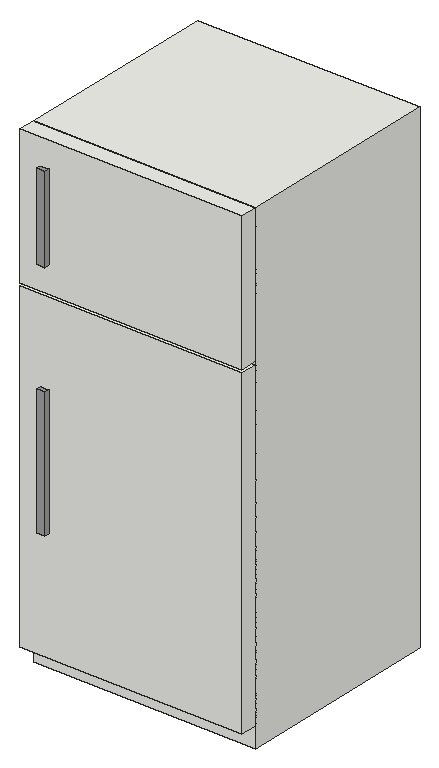
Revit family
Parameters (values of type "655 x 1430 x 655mm")
  Label = "F"
  Depth = 655 mm
  Height = 1430 mm
  Material = Metal - Paint Finish - Ivory, Glossy
  Width = 655 mm
  Assembly Code = ""
Types (5, lengths in mm): name | Depth | Height | Width
  595 x 1400 x 600mm | 600 | 1400 | 595
  595 x 1560 x 600mm | 600 | 1560 | 595
  595 x 1850 x 600mm | 600 | 1850 | 595
  695 x 1650 x 660mm | 660 | 1650 | 695
  655 x 1430 x 655mm | 655 | 1430 | 655
Reference planes
  plane 1: y = 107
  plane 2: z = 0
  plane 3: x = 0
  plane 4: x = 655
  plane 5: y = 762
  plane 6: z = 1430
  plane 7: z = 1024
  plane 8: x = 60
  plane 9: z = 1354
  plane 10: z = 1100
  plane 11: z = 770
  plane 12: z = 389
  plane 13: x = 327.5
  plane 14: z = 60
  plane 15: y = 157
Forms (mm)
  Extrusion 1, solid, material "Metal - Paint Finish - Ivory, Glossy" <- "Material"
    sketch origin (0, 0, 0) x (1, 0, 0) y (0, 1, 0)
      loop
        line (0, 762) -> (0, 157) -> (655, 157) -> (655, 762) -> (0, 762)
    from 0 to 1430
  Extrusion 2, solid, material "Metal - Paint Finish - Ivory, Glossy" <- "Material"
    sketch origin (0, 157, 1430) x (0, 0, -1) y (1, 0, 0)
      loop
        line (0, 655) -> (0, 0) -> (406, 0) -> (406, 655) -> (0, 655)
      loop
        line (416, 655) -> (416, 0) -> (1370, 0) -> (1370, 655) -> (416, 655)
    from 0 to 50
  Extrusion 3, solid, material "Metal - Chrome"
    sketch origin (0, 107, 1430) x (0, 0, -1) y (1, 0, 0)
      loop
        line (76, 60) -> (330, 60) -> (330, 84.664) -> (76, 84.664) -> (76, 60)
      loop
        line (660, 60) -> (1041, 60) -> (1041, 84.664) -> (660, 84.664) -> (660, 60)
    from 0 to 15
Lines and regions (mm)
  Masking region 1
    outline origin (0, 0, 0) x (1, 0, 0) y (0, 1, 0)
      loop
        line (0, 107) -> (655, 107) -> (655, 762) -> (0, 762) -> (0, 107)
  model lines
    curve 1: line (0, 157, 1430) -> (0, 157, 0)
    curve 2: line (655, 762, 0) -> (0, 762, 0)
    curve 3: line (655, 157, 0) -> (0, 157, 0)
  symbolic lines
    curve 4: line (0, 157, 0) -> (655, 157, 0)
Dimensions and locks
  "Width": plane 3 to plane 4
  "Depth": plane 1 to plane 5
  "Height": plane 6 to plane 2
  locked: plane 8 to plane 3 at 60
  locked: plane 6 to plane 7 at 406
  locked: plane 6 to plane 9 at 76
  locked: plane 9 to plane 10 at 254
  equal spacing: plane 3, plane 13, plane 4
  locked: plane 11 to plane 12 at 381
  locked: plane 7 to plane 11 at 254
  plane 14 to plane 2 = 60 mm
  locked: plane 1 to plane 15 at 50
  plane 7 to Extrusion 2 sketch curve = 10 mm
  equal spacing: plane 1, nested 1, plane 5
  aligned and locked: plane 3 to Extrusion 1 sketch curve
  aligned and locked: plane 5 to Extrusion 1 sketch curve
  aligned and locked: plane 4 to Extrusion 1 sketch curve
  aligned and locked: Extrusion 1 to plane 6
  aligned and locked: Extrusion 2 sketch curve to Extrusion 1
  aligned and locked: Extrusion 2 sketch curve to curve 1
  aligned and locked: curve 1 to Extrusion 2 sketch curve
  aligned and locked: plane 1 to Extrusion 2
  aligned and locked: Extrusion 2 sketch curve to plane 4  (x2)
  aligned and locked: nested 1 to plane 13
Automatic sketch dimensions
  curve 1 to plane 6 = 0 mm
  curve 1 to level = 0 mm
  curve 1 to plane 1 = 50 mm
  Extrusion 1 sketch curve to plane 15 = 0 mm
  Extrusion 2 sketch curve to plane 7 = 0 mm
  Extrusion 2 sketch curve to plane 14 = 0 mm
  Extrusion 3 sketch curve to plane 9 = 0 mm
  Extrusion 3 sketch curve to plane 10 = 0 mm
  Extrusion 3 sketch curve to plane 11 = 0 mm
  Extrusion 3 sketch curve to plane 12 = 0 mm
  Extrusion 3 sketch curve to plane 8 = 24.664 mm
  Extrusion 3 sketch curve to Extrusion 3 sketch curve = 24.664 mm
  Extrusion 3 sketch curve to plane 8 = 0 mm  (x2)
  Masking region 1 sketch curve to plane 3 = 0 mm
  Masking region 1 sketch curve to plane 4 = 0 mm
  Masking region 1 sketch curve to plane 1 = 0 mm
  Masking region 1 sketch curve to plane 5 = 0 mm
  curve 2 to plane 3 = 0 mm
  curve 4 to plane 3 = 0 mm
  curve 3 to plane 4 = 0 mm
  curve 2 to plane 4 = 0 mm
  curve 3 to plane 15 = 0 mm
  curve 2 to plane 5 = 0 mm
Nested families
  nested 1: "Label Annotation (M)" at (327.5, 434.5, 0), type "Label Annotation (M)", detail levels medium+fine
Definition of nested family "Label Annotation (M)"
  Parameters
    Label = ""
  Reference planes
    plane 1: y = 0
    plane 2: x = 0
  Text (mm)
    label "Label" at (0.007, 0.129, 0), shows "Label"
